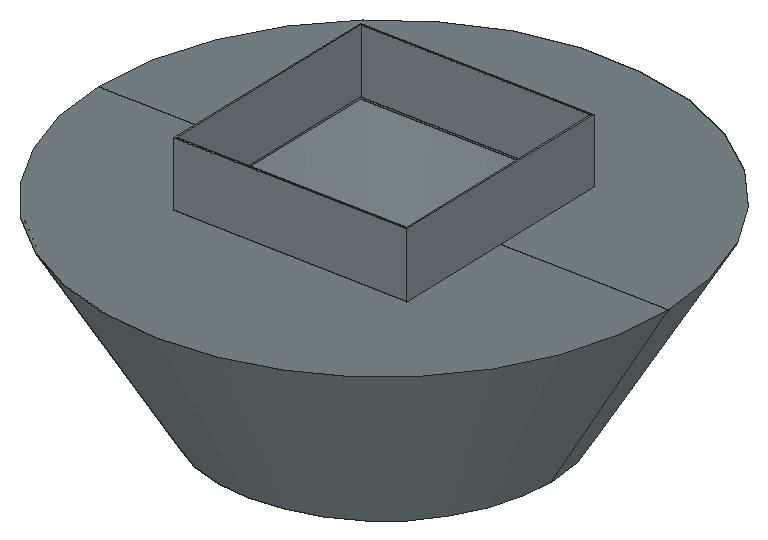
Revit family "Diffuser_C-Series_Angled-Square", category Air Terminals, Revit 2016
Family settings
  Part Type = Normal
  Round Connector Dimension = Use Diameter
  OmniClass Number = 23.75.70.21.27.11
  OmniClass Title = Diffusers, Registers, and Grilles
  Work Plane-Based = No
  Always vertical = No
  Cut with Voids When Loaded = No
  Shared = No
  Room Calculation Point = No
Parameters (values of type "5 Ton")
  URL = "https://www.ductsox.com/media-download/C-Series_Diffuser_Product_Data_Sheet"
  TopRad = Top Diameter / 2  # 1' - 10"
  Top Diameter = 3' - 8"
  Thickness = 0' - 0 1/8"
  Model = "C-Series Diffuser - 5 Ton"
  Max Flow = 2000 CFM
  Manufacturer = "DuctSox"
  Keynote = "23 37 00"
  Diffuser Material = Polyester Fabric
  Inlet Size = 1' - 6"
  Diffuser Height = 1' - 3"
  Description = "Fabric Duct Diffuser - 5 Ton"
  Bottom Diameter = 2' - 2"
  Assembly Code = "D3040100"
Types (6): name | TopRad | Top Diameter | Model | Max Flow | Inlet Size | Description | Bottom Diameter
  30 Ton | 3' - 3" | 6' - 6" | "C-Series Diffuser - 30 Ton" | 12000 CFM | 3' - 6" | "Fabric Duct Diffuser - 30 Ton" | 5' - 0"
  25 Ton | 3' - 0" | 6' - 0" | "C-Series Diffuser - 25 Ton" | 10000 CFM | 3' - 2" | "Fabric Duct Diffuser - 25 Ton" | 4' - 6"
  20 Ton | 2' - 9" | 5' - 6" | "C-Series Diffuser - 20 Ton" | 8000 CFM | 2' - 10" | "Fabric Duct Diffuser - 20 Ton" | 4' - 0"
  15 Ton | 2' - 6" | 5' - 0" | "C-Series Diffuser - 15 Ton" | 6000 CFM | 2' - 6" | "Fabric Duct Diffuser - 15 Ton" | 3' - 6"
  10 Ton | 2' - 2" | 4' - 4" | "C-Series Diffuser - 10 Ton" | 4000 CFM | 2' - 0" | "Fabric Duct Diffuser - 10 Ton" | 2' - 10"
  5 Ton | 1' - 10" | 3' - 8" | "C-Series Diffuser - 5 Ton" | 2000 CFM | 1' - 6" | "Fabric Duct Diffuser - 5 Ton" | 2' - 2"
Reference planes (in)
  plane 1 "Center (Front/Back)": y = 0
  plane 2: z = 0
  plane 3 "Center (Left/Right)": x = 0
  plane 4 "Diffuser Top": z = -5
  plane 5: z = -20
  plane 6: x = -13
  plane 7: x = -22
  plane 8: x = 13
  plane 9: x = 22
  plane 10: x = -9
  plane 11: x = 9
  plane 12: z = -10
  plane 13: z = -15
  plane 14: y = 22
  plane 15: y = -22
  plane 16: y = 9
  plane 17: y = -9
Forms (in)
  Revolve 1, solid, material "Polyester Fabric" <- "Diffuser Material"
    sketch origin (0, 0, -1) x (1, 0, 0) y (0, 0, 1)
      loop
        line (0, -19) -> (0, -18.875) -> (-12.92923, -18.875) -> (-21.77923, -4.125) -> (0, -4.125) -> (0, -4) -> (-22, -4) -> (-13, -19) -> (0, -19)
      axis (0, -4) -> (0, -19)
    angle from 0 to 360
  Extrusion 2, solid, material "Polyester Fabric" <- "Diffuser Material"
    sketch origin (0, 0, -4) x (-1, 0, 0) y (0, -1, 0)
      loop
        line (9, -9) -> (9, 9) -> (-9, 9) -> (-9, -9) -> (9, -9)
    from -1 to 4
  Extrusion 3, void
    sketch origin (0, 0, -5) x (-1, 0, 0) y (0, -1, 0)
      loop
        line (8.875, -8.875) -> (8.875, 8.875) -> (-8.875, 8.875) -> (-8.875, -8.875) -> (8.875, -8.875)
    from -5 to 5
Cuts and joins
  Extrusion 3 cuts Revolve 1
  Extrusion 3 cuts Extrusion 2
Dimensions and locks (in)
  equal spacing: plane 8, plane 3 "Center (Left/Right)", plane 6
  equal spacing: plane 9, plane 3 "Center (Left/Right)", plane 7
  "Diffuser Height": plane 4 "Diffuser Top" to plane 5
  "Top Diameter": plane 9 to plane 7
  "Bottom Diameter": plane 8 to plane 6
  "Thickness": Revolve 1 sketch curve to plane 5
  "Thickness": plane 4 "Diffuser Top" to Revolve 1 sketch curve
  equal spacing: plane 11, plane 3 "Center (Left/Right)", plane 10
  "Inlet Size": plane 11 to plane 10
  equal spacing: plane 4 "Diffuser Top", plane 12, plane 13, plane 5
  equal spacing: plane 15, plane 1 "Center (Front/Back)", plane 14
  "Top Diameter": plane 15 to plane 14
  "Thickness": Revolve 1 sketch curve to Revolve 1 sketch curve
  equal spacing: plane 16, plane 1 "Center (Front/Back)", plane 17
  "Inlet Size": plane 16 to plane 17
  "Thickness": plane 16 to Extrusion 3 sketch curve
  "Thickness": Extrusion 3 sketch curve to plane 11
  "Thickness": plane 10 to Extrusion 3 sketch curve
  "Thickness": Extrusion 3 sketch curve to plane 17
  locked: level to plane 4 "Diffuser Top" at 5
  aligned and locked: level to plane 2
  aligned and locked: plane 3 "Center (Left/Right)" to Revolve 1 sketch curve
  aligned and locked: Revolve 1 sketch curve to plane 3 "Center (Left/Right)"  (x2)
  aligned and locked: Revolve 1 sketch curve to plane 4 "Diffuser Top"
  aligned and locked: plane 5 to Revolve 1 sketch curve
  aligned and locked: plane 7 to Revolve 1 sketch curve
  aligned and locked: plane 10 to Extrusion 2 sketch curve
  aligned and locked: Extrusion 2 sketch curve to plane 16
  aligned and locked: Extrusion 2 sketch curve to plane 11
  aligned and locked: plane 17 to Extrusion 2 sketch curve
  aligned and locked: Extrusion 2 to plane 4 "Diffuser Top"
  aligned and locked: level to Extrusion 2
  aligned and locked: Extrusion 3 to plane 12
  aligned and locked: level to Extrusion 3
Automatic sketch dimensions
  Revolve 1 sketch curve to plane 6 = 0' - 0"
  Revolve 1 sketch curve to plane 5 = 0' - 5"
  level to Revolve 1 sketch curve = 7' - 6.20035"
Connectors (in)
  hvac at (0, 0, -5), driven by "Inlet Size", driven by "Inlet Size", driven by "Max Flow"
    settings: on Extrusion 2, index 1, duct flow 2000 CFM, flow factor 0, pres drop 0.00 in-wg, loss coef 0, conn angle 0.00°, conn width 18", conn height 18", conn diameter 24", duct sys type 1, conn prof type 1, flow config 0, flow direction 2, loss method 0, conn ref index -1, conn util no, is conn primary yes, conn desc ""
